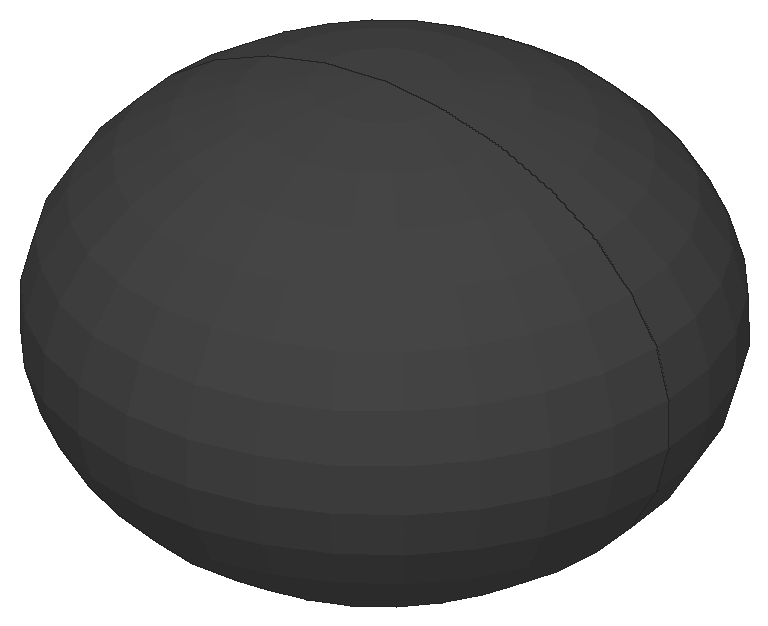
Revit family "Finca Arbusto", category Vegetación, Revit 2027
Family settings
  Se basa en plano de trabajo = No
  Siempre vertical = Sí
  Corte con vacíos al cargar = No
  Origen de apariencia de renderización = Geometría de familia
  Compartido = No
Parameters
  Elevación por defecto = 0 mm
  Altura = 0 mm
Reference planes
  plane 1 "Centro (Frontal/Posterior)": y = 0
  plane 2: z = 0
  plane 3 "Centro (Izquierda/Derecha)": x = 0
Forms (mm)
  Revolve 1, solid, material "Finca - Follaje"
    sketch origin (0, 0, 0) x (0, 0, 1) y (1, 0, 0)
      loop
        line (-2, 0) -> (14, 0)
        spline (14, 0) -> (13.727, 2.847) -> (12.928, 5.5) -> (11.657, 7.778) -> (10, 9.526) -> (8.071, 10.625) -> (6, 11) -> (3.929, 10.625) -> (2, 9.526) -> (0.343, 7.778) -> (-0.928, 5.5) -> (-1.727, 2.847) -> (-2, 0)
      axis (-2, 0) -> (14, 0)
    angle from 0 to 360
Dimensions and locks
  aligned and locked: level to plane 2
